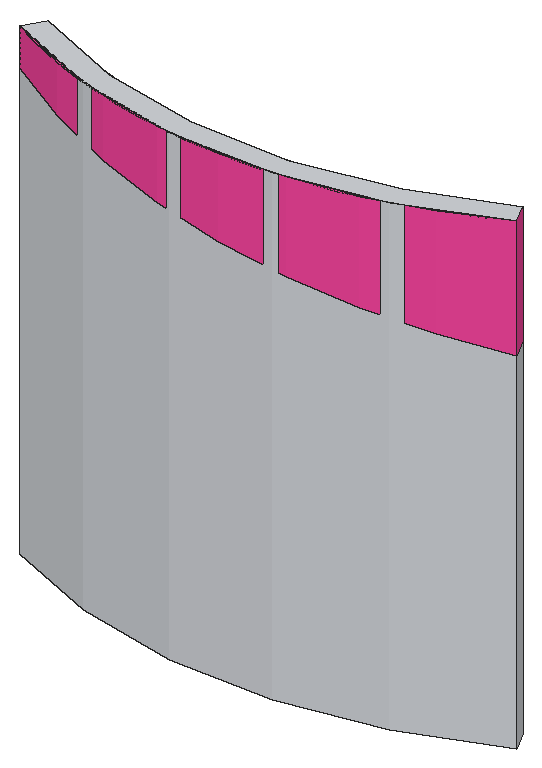
Revit family "EXP_WT-1C_CPan-016", category Curtain Panels, Revit 2021
Family settings
  OmniClass Number = 23.25.20.14.11.11.17
  OmniClass Title = Infill Panels
  Always vertical = Yes
  Cut with Voids When Loaded = Yes
  Shared = No
Parameters (values of type "R = 19'  0"")
  UI-UnitNumber [instance] = "001"
  UI-Quadrant [instance] = "SE"
  UI-ProjectAbbreviation = "NEU"
  UI-ItemCategory = "PID"
  UI-FloorNumber [instance] = "03"
  PNT-WallType = "WT1C"
  PNT-ProjectAbbreviation = "NEU"
  PNT-PanelType [instance] = "01"
  PNT-ItemCategory = "PNL"
  GlassH2 [instance] = none
  GlassH1 [instance] = MP-F(Glass)
  Description = "Curve"
  Define Thermal Properties by = Schematic Type
  CellSxH [instance] = 12' - 7.11619"
  CellSp = 0' - 10 3/16"
  CellRayIN [instance] = CellRayEX - CellSp  # 18' - 1 13/16"
  CellRayEX = 19' - 0"
  CellLArch [instance] = 17' - 8.30511"
  CellH2 [instance] = 16' - 11"
  CellH [instance] = 38' - 6"
  CellDxH [instance] = 15' - 7.11619"
  Analytic Construction = "<None>"
Types (2): name | CellH
  R = 19'  0" | 38' - 6"
  R = 15'  5" | 20' - 11"
Reference planes (in)
  plane 1 "Center (Front/Back)": y = 0
  plane 2: z = 0
  plane 3 "Center (Left/Right)": x = 0
  plane 4 "Left": x = -102
  plane 5 "Right": x = 102
  plane 6 "Top": z = 462
  plane 7: z = 151.11619
  plane 8: z = 187.11619
  plane 9: z = 203
Forms (in)
  SweptBlend 1, solid, material "MP-F(Glass)" <- "GlassH1"
    path origin (121.5182, 120, 203) x (1, 0, 0) y (0, 1, 0)
      loop
        arc (-19.5182, -120) -> (-121.5182, -145.35917) -> (-223.5182, -120) r 217.8125
    profile origin (102, 0, 203) x (0.468293, -0.883573, 0) y (0, 0, 1)
      loop
        line (0, -51.88381) -> (10.1875, -51.88381) -> (10.1875, 0) -> (0, 0) -> (0, -51.88381)
    end profile origin (-102, 0, 203) x (-0.468293, -0.883573, 0) y (0, 0, 1)
      loop
        line (0, -15.88381) -> (10.1875, -15.88381) -> (10.1875, 0) -> (0, 0) -> (0, -15.88381)
  SweptBlend 2, solid, material <- "GlassH2"
    path origin (0, 192.45333, 0) x (0.468293, -0.883573, 0) y (0.883573, 0.468293, 0)
      loop
        arc (217.8125, 0) -> (192.45333, -102) -> (122.28079, -180.24897) r 217.8125
    profile origin (102, 0, 0) x (0.468293, -0.883573, 0) y (0, 0, 1)
      loop
        line (0, 203) -> (0, 0) -> (10.1875, 0) -> (10.1875, 203) -> (0, 203)
    end profile origin (-102, 0, 0) x (-0.468293, -0.883573, 0) y (0, 0, 1)
      loop
        line (0, 203) -> (0, 0) -> (10.1875, 0) -> (10.1875, 203) -> (0, 203)
Lines and regions (in)
  reference lines
    curve 1: line (-102, 0, 0) -> (0, 192.45333, 0)
    curve 2: line (0, 192.45333, 0) -> (102, 0, 0)
    curve 3: line (-102, 0, 0) -> (-72.84208, -15.45366, 0)
    curve 4: line (102, 0, 0) -> (70.19136, -16.85854, 0)
    curve 5: line (102, 0, 151.11619) -> (-102, 0, 187.11619)
  model lines
    curve 6: arc (102, 0, 0) -> (0, -25.35917, 0) -> (-102, 0, 0) r 217.8125
    curve 7: arc (102, 0, 203) -> (0, -25.35917, 203) -> (-102, 0, 203) r 217.8125
Text (in)
  text "Exterior" at (-92.59733, 55.75508, 0), in view "Ref. Level"
  text "Exterior" at (0, 90.18664, 173.49264), in view "Left"
  text "Exterior" at (0, 52.29083, 162.21847), in view "Right"
Dimensions and locks (in)
  equal spacing: plane 4 "Left", plane 3 "Center (Left/Right)", plane 5 "Right"
  "CellH": plane 2 to plane 6 "Top"
  "CellRayIN": curve 2 to curve 2
  "CellRayIN": curve 1 to curve 1
  "CellSxH": plane 2 to plane 7
  "CellDxH": plane 2 to plane 8
  "CellH2": plane 2 to plane 9
  "CellSp": SweptBlend 1 sketch curve to SweptBlend 1 sketch curve
  "CellSp": SweptBlend 1 sketch curve to profile plane
  "CellSp": SweptBlend 2 sketch curve to SweptBlend 2 sketch curve  (x2)
  radius of curve 6 = 18' - 1 13/16"
  locked: curve 3 to curve 1 (angle 90.00°)
  locked: curve 2 to curve 4 (angle 90.00°)
  "CellLArch": arc length of curve 6  (x2)
  aligned and locked: level to plane 2
  aligned and locked: curve 2 to curve 7
  aligned and locked: curve 7 to curve 1
  aligned and locked: SweptBlend 1 sketch curve to curve 7
  aligned and locked: profile plane to SweptBlend 1 sketch curve  (x3)
  aligned and locked: SweptBlend 1 sketch curve to plane 7
  aligned and locked: plane 8 to SweptBlend 1 sketch curve
  aligned and locked: SweptBlend 2 sketch curve to curve 6
  aligned and locked: curve 2 to SweptBlend 2 sketch curve
  aligned and locked: SweptBlend 2 sketch curve to curve 1
  aligned and locked: SweptBlend 2 sketch curve to profile plane  (x2)
  aligned and locked: profile plane to SweptBlend 2 sketch curve  (x2)
  aligned and locked: SweptBlend 2 sketch curve to plane 9
  aligned and locked: plane 9 to SweptBlend 2 sketch curve
Automatic sketch dimensions
  plane 4 "Left" to curve 5 = 0' - 0"
  plane 5 "Right" to curve 5 = 0' - 0"
  curve 5 to plane 7 = 0' - 0"
  curve 5 to plane 8 = 0' - 0"
  curve 6 to plane 1 "Center (Front/Back)" = 0' - 0"
  curve 6 to plane 4 "Left" = 0' - 0"
  plane 1 "Center (Front/Back)" to curve 6 = 0' - 0"
  curve 6 to plane 3 "Center (Left/Right)" = 0' - 0"
  curve 7 to plane 4 "Left" = 0' - 0"
  curve 7 to plane 3 "Center (Left/Right)" = 0' - 0"
  curve 7 to plane 1 "Center (Front/Back)" = 16' - 0.45333"
  SweptBlend 1 sketch curve to plane 1 "Center (Front/Back)" = 0' - 0"
  plane 1 "Center (Front/Back)" to SweptBlend 1 sketch curve = 0' - 0"
  SweptBlend 1 sketch curve to profile plane = 0' - 0"
  curve 3 to plane 1 "Center (Front/Back)" = 0' - 0"
  curve 3 to plane 4 "Left" = 0' - 0"
  curve 2 to plane 3 "Center (Left/Right)" = 0' - 0"
  plane 1 "Center (Front/Back)" to curve 4 = 0' - 0"
